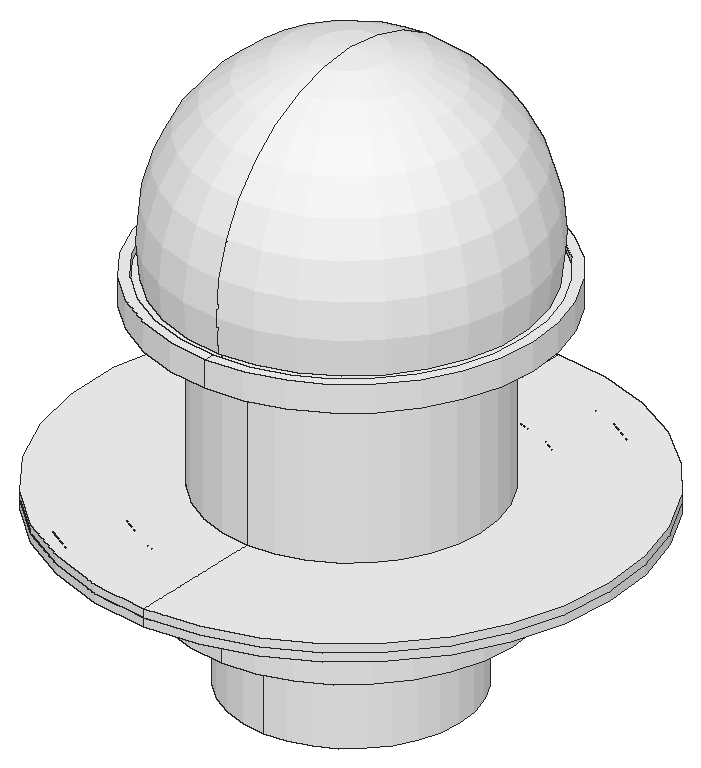
Revit family "F1100-W(D)", category Plumbing Fixtures, host Face, Revit 2018
Family settings
  Host = Face
  Round Connector Dimension = Use Radius
  Part Type = Normal
  Cut with Voids When Loaded = No
  Shared = No
  Room Calculation Point = No
Parameters (values of type "F1100-W(D)-Ø3"")
  WFU = 0
  URL = "WWW.MIFAB.COM"
  Pipe Radius = Pipe Diameter / 2  # 0' - 1 1/2"
  Pipe Diameter = 0' - 3"
  Model = "F1100-W(D)"
  Manufacturer = "MIFAB"
  Floor Drain Material = Paint - Sherwin Williams Paint - #952C2A - Bellwood Red
  Description = "OVERFLOW DRAIN WITH STANDPIPE AND OPTIONAL OVERFLOW DRAIN WITH STANDPIPE AND OPTIONAL"
  Default Elevation = 0' - 0"
  CWFU = 0
  BODY HEIGHT = 0' - 2 5/8"
  Assembly Code = ""
  ADJUSTMENT = 0' - 2 5/8"
Types (6): name | Pipe Radius | Pipe Diameter | Description | BODY HEIGHT
  (no name) | 0' - 1 1/2" | 0' - 3" | "OVERFLOW DRAIN WITH STANDPIPE AND OPTIONAL OVERFLOW DRAIN WITH STANDPIPE AND OPTIONAL" | 0' - 2 5/8"
  F1100-W(D)-Ø2" | 0' - 1" | 0' - 2" | "EXTENDED RIM FLOOR DRAIN FOR NON-MEMBRANE FLOOR AREAS" | 0' - 2 1/4"
  F1100-W(D)-Ø3" | 0' - 1 1/2" | 0' - 3" | "OVERFLOW DRAIN WITH STANDPIPE AND OPTIONAL OVERFLOW DRAIN WITH STANDPIPE AND OPTIONAL" | 0' - 2 5/8"
  F1100-W(D)-Ø4" | 0' - 2" | 0' - 4" | "OVERFLOW DRAIN WITH STANDPIPE AND OPTIONAL OVERFLOW DRAIN WITH STANDPIPE AND OPTIONAL" | 0' - 2 5/8"
  F1100-W(D)-Ø5" | 0' - 2 1/2" | 0' - 5" | "OVERFLOW DRAIN WITH STANDPIPE AND OPTIONAL OVERFLOW DRAIN WITH STANDPIPE AND OPTIONAL" | 0' - 2 5/8"
  F1100-W(D)-Ø6" | 0' - 3" | 0' - 6" | "OVERFLOW DRAIN WITH STANDPIPE AND OPTIONAL OVERFLOW DRAIN WITH STANDPIPE AND OPTIONAL" | 0' - 2 5/8"
Reference planes (in)
  plane 1 "Center (Front/Back)": y = 0
  plane 2: z = 0
  plane 3 "Center (Left/Right)": x = 0
  plane 4: y = -1.5
  plane 5: y = 1.5
  plane 6: y = -4
  plane 7: y = 4
  plane 8: z = -0.125
  plane 9: z = -0.375
  plane 10: z = -2.75
  plane 11: z = 6
  plane 12: z = -1.09655
  plane 13: z = -1.01391
  plane 14: y = -2.68
  plane 15: y = -2.32
  plane 16: z = -1.40742
  plane 17: y = 3.5
  plane 18: z = -0.125
  plane 19: y = -2
  plane 20: y = 2
  plane 21: z = 3.58145
Forms (in)
  Revolve 1, solid, material "Paint - Sherwin Williams Paint - #952C2A - Bellwood Red" <- "Floor Drain Material"
    sketch origin (0, -109.78025, 5.25224) x (0, 1, 0) y (0, 0, 1)
      loop
        line (107.58925, -5.45724) -> (107.50925, -5.37724) -> (107.1433, -5.37724)
        arc (107.1433, -5.37724) -> (107.06061, -5.42691) -> (106.97791, -5.37724) r 0.09366
        line (106.97791, -5.37724) -> (106.21178, -5.37724)
        arc (106.21178, -5.37724) -> (106.12908, -5.42691) -> (106.04639, -5.37724) r 0.09366
        line (106.04639, -5.37724) -> (105.78025, -5.37724) -> (105.78025, -5.50224) -> (107.28025, -5.50224) -> (107.28025, -6.65966) -> (108.10057, -7.06561) -> (108.10057, -8.00224) -> (108.28025, -8.00224) -> (108.28025, -6.99853) -> (107.46025, -6.59274) -> (107.46025, -5.62724) -> (107.50925, -5.62724) -> (107.58925, -5.54724) -> (107.58925, -5.45724)
      axis (109.78025, -8.00224) -> (109.78025, -5.37724)
    angle from 0 to 360
  Revolve 2, solid, material "Paint - Sherwin Williams Paint - #952C2A - Bellwood Red" <- "Floor Drain Material"
    sketch origin (0, 0, 0.07777) x (0, 1, 0) y (0, 0, 1)
      loop
        line (3.6, -0.70791) -> (3.6, -0.58353) -> (3.23, -0.58353) -> (3.13, -0.48353) -> (2.73, -0.48353) -> (2.73, -0.32777) -> (2.32, -0.32777) -> (2.32, -0.70791) -> (3.6, -0.70791)
      axis (2.32, -0.83353) -> (3.6, -0.83353)
    angle from 0 to 360
  Revolve 3, solid, material "Paint - Sherwin Williams Paint - #952C2A - Bellwood Red" <- "Floor Drain Material"
    sketch origin (0, 0, 0) x (0, 1, 0) y (0, 0, 1)
      loop
        line (4, 0) -> (2, 0) -> (2, -0.125) -> (4, -0.125) -> (4, 0)
      axis (0, -0.125) -> (0, 0)
    angle from 0 to 360
  Revolve 4, solid, material "Paint - Sherwin Williams Paint - #952C2A - Bellwood Red" <- "Floor Drain Material"
    sketch origin (0, -38.99861, -7.58056) x (0, 1, 0) y (0, 0, 1)
      loop
        line (36.99861, 6.56665) -> (37.20488, 6.56665) -> (37.20488, 11.16201) -> (36.99861, 11.16201) -> (36.99861, 6.56665)
      axis (38.99861, 6.56665) -> (38.99861, 11.16201)
    angle from 0 to 360
  Revolve 5, solid, material "Paint - Sherwin Williams Paint - #952C2A - Bellwood Red" <- "Floor Drain Material"
    sketch origin (0, -38.99861, -10.32587) x (0, 1, 0) y (0, 0, 1)
      loop
        line (36.44935, 13.21225) -> (36.78336, 13.21225) -> (36.78336, 13.90732) -> (37.24973, 13.90732) -> (37.24973, 15.44789)
        arc (37.24973, 15.44789) -> (38.05047, 15.99021) -> (38.99861, 16.18086) r 2.45291
        line (38.99861, 16.18086) -> (38.99861, 16.32885)
        arc (38.99861, 16.32885) -> (36.98541, 15.37467) -> (36.44935, 13.21225) r 2.6009
      axis (38.99861, 13.21225) -> (38.99861, 16.32885)
    angle from 0 to 360
  Revolve 6, solid, material "Paint - Sherwin Williams Paint - #952C2A - Bellwood Red" <- "Floor Drain Material"
    sketch origin (0, -38.99861, -10.32587) x (0, 1, 0) y (0, 0, 1)
      loop
        line (36.18246, 13.24488) -> (36.18246, 12.85026) -> (36.32596, 12.85026) -> (36.32596, 12.93546) -> (36.95376, 12.93546) -> (36.99861, 12.9803) -> (36.99861, 13.11483) -> (36.95376, 13.15968) -> (36.32596, 13.15968) -> (36.32596, 13.24488) -> (36.18246, 13.24488)
      axis (38.99861, 12.85026) -> (38.99861, 13.24488)
    angle from 0 to 360
Dimensions and locks (in)
  equal spacing: plane 5, plane 1 "Center (Front/Back)", plane 4
  "Pipe Diameter": plane 5 to plane 4
  plane 1 "Center (Front/Back)" to plane 4 = 0' - 1 1/2"
  equal spacing: plane 7, plane 1 "Center (Front/Back)", plane 6
  locked: plane 7 to plane 6 at 8
  locked: plane 8 to plane 9 at 0.25
  "BODY HEIGHT": plane 8 to plane 10
  plane 2 to plane 8 = 0' - 0 1/8"
  locked: plane 13 to plane 12 at 0.08264
  locked: plane 8 to plane 12 at 0.97155
  plane 11 to level = 0' - 6"
  locked: Revolve 1 sketch curve to Revolve 1 sketch curve at 0.93152
  locked: plane 4 to Revolve 1 sketch curve at 0.17969
  locked: plane 9 to plane 16 at 1.03242
  equal spacing: plane 20, plane 1 "Center (Front/Back)", plane 19
  plane 20 to plane 19 = 0' - 4"
  plane 11 to plane 21 to plane 2 = 0' - 2.41855", 0' - 3.58145" locked
  aligned and locked: plane 2 to host face
  aligned and locked: level to host face
  aligned and locked: plane 15 to Revolve 1 sketch curve
  aligned and locked: Revolve 1 sketch curve to plane 4
  aligned and locked: plane 16 to Revolve 1 sketch curve
Automatic sketch dimensions
  host sketch curve to host sketch curve = 8' - 0"  (x2)
  Revolve 1 sketch curve to plane 6 = 0' - 0"
  Revolve 1 sketch curve to plane 8 = 0' - 0"  (x3)
  Revolve 1 sketch curve to plane 9 = 0' - 0"
  Revolve 1 sketch curve to plane 1 "Center (Front/Back)" = 0' - 0"
  Revolve 1 sketch curve to plane 10 = 0' - 0"
  plane 8 to Revolve 1 sketch curve = 0' - 0.04399"  (x2)
  Revolve 1 sketch curve to Revolve 1 sketch curve = 0' - 0.08269"  (x2)
  Revolve 1 sketch curve to plane 14 = 0' - 0.18"
  Revolve 1 sketch curve to plane 16 = 0' - 0.40595"
  Revolve 1 sketch curve to Revolve 1 sketch curve = 0' - 0.06708"
  Revolve 1 sketch curve to plane 12 = 0' - 0.24395"
  plane 9 to Revolve 1 sketch curve = 0' - 0.08"
  Revolve 1 sketch curve to plane 8 = 0' - 0.08"
  Revolve 1 sketch curve to plane 10 = 0' - 3.43864"
  Revolve 1 sketch curve to Revolve 1 sketch curve = 0' - 1.64678"
  Revolve 1 sketch curve to plane 15 = 0' - 0.04899"  (x2)
  Revolve 1 sketch curve to Revolve 1 sketch curve = 0' - 0.08"
  Revolve 4 sketch curve to plane 19 = 0' - 0"
  Revolve 4 sketch curve to plane 1 "Center (Front/Back)" = 0' - 0"
  Revolve 4 sketch curve to Revolve 4 sketch curve = 0' - 0.20628"
  Revolve 4 sketch curve to level = 0' - 1.01391"
  Revolve 4 sketch curve to plane 11 = 0' - 2.41855"
  Revolve 4 sketch curve to Revolve 4 sketch curve = 0' - 8.37423"
  Revolve 4 sketch curve to Revolve 4 sketch curve = 0' - 1 3/4"
  Revolve 5 sketch curve to Revolve 5 sketch curve = 0' - 0"  (x3)
  Revolve 5 sketch curve to plane 11 = 0' - 3.11362"
  plane 7 to Revolve 5 sketch curve = 0' - 6.54926"
  Revolve 5 sketch curve to Revolve 5 sketch curve = 0' - 0.33401"
  Revolve 5 sketch curve to Revolve 5 sketch curve = 0' - 0.46637"
  Revolve 5 sketch curve to Revolve 5 sketch curve = 0' - 1.74888"
  Revolve 5 sketch curve to Revolve 5 sketch curve = 0' - 0.5157"
  Revolve 5 sketch curve to Revolve 5 sketch curve = 0' - 0.69507"
  Revolve 5 sketch curve to Revolve 5 sketch curve = 0' - 1.54057"
  Revolve 5 sketch curve to Revolve 5 sketch curve = 0' - 0.8059"
  Revolve 5 sketch curve to Revolve 5 sketch curve = 0' - 0 1/2"
  Revolve 6 sketch curve to plane 11 = 0' - 3.08099"
  plane 7 to Revolve 6 sketch curve = 0' - 6.81614"
  Revolve 6 sketch curve to Revolve 6 sketch curve = 0' - 0.1435"  (x2)
  Revolve 6 sketch curve to plane 11 = 0' - 3.16619"
  Revolve 6 sketch curve to Revolve 6 sketch curve = 0' - 0.6278"
  Revolve 6 sketch curve to Revolve 6 sketch curve = 0' - 0"
  Revolve 6 sketch curve to Revolve 6 sketch curve = 0' - 0.04484"  (x2)
  Revolve 6 sketch curve to Revolve 6 sketch curve = 0' - 0.13453"
  Revolve 6 sketch curve to Revolve 6 sketch curve = 0' - 0.22422"
  Revolve 6 sketch curve to Revolve 6 sketch curve = 0' - 0.0852"
  Revolve 6 sketch curve to Revolve 6 sketch curve = 0' - 2.04484"
  Revolve 6 sketch curve to Revolve 6 sketch curve = 0' - 3.97507"
  Revolve 6 sketch curve to Revolve 6 sketch curve = 0' - 0 1/2"
  plane 20 to Revolve 2 sketch curve = 0' - 0.32"
  Revolve 2 sketch curve to plane 8 = 0' - 0 1/8"
  Revolve 2 sketch curve to Revolve 2 sketch curve = 0' - 0.41"
  Revolve 2 sketch curve to plane 9 = 0' - 0.03075"
  Revolve 2 sketch curve to plane 17 = 0' - 0.37"
  Revolve 2 sketch curve to Revolve 2 sketch curve = 0' - 0.1"
  plane 17 to Revolve 2 sketch curve = 0' - 0.1"
  Revolve 2 sketch curve to plane 9 = 0' - 0.13075"
  Revolve 2 sketch curve to Revolve 2 sketch curve = 0' - 0.12439"
  Revolve 2 sketch curve to Revolve 2 sketch curve = 0' - 0.13"
  Revolve 2 sketch curve to Revolve 2 sketch curve = 0' - 0.14968"
  plane 13 to Revolve 2 sketch curve = 0' - 0.25816"
  Revolve 3 sketch curve to plane 1 "Center (Front/Back)" = 0' - 0"
  Revolve 3 sketch curve to plane 8 = 0' - 0"
  Revolve 3 sketch curve to plane 20 = 0' - 0"
  Revolve 3 sketch curve to plane 7 = 0' - 0"
  Revolve 3 sketch curve to level = 0' - 0"
  level to Revolve 3 sketch curve = 0' - 0.94912"
  Revolve 3 sketch curve to Revolve 3 sketch curve = 0' - 0.20687"
  Revolve 1 sketch curve to plane 8 = 0' - 0 1/8"
  Revolve 1 sketch curve to Revolve 1 sketch curve = 0' - 0.26614"
Connectors (in)
  piping at (0, 0, -2.75), diameter 3, driven by "Pipe Radius"
    settings: on Revolve 1, index 1, connector inside diameter 24", connector length 0' - 0", flow factor 0, pipe flow 0 GPM, pressure drop 0.00 psi, fitting loss kfactor 0, connector angle 0.00°, fixture units 0, engagement length 0' - 0", angle of deflection 0.00°, flow configuration 0, flow direction 0, fitting loss method 0, system type 7, joint type 0, gender type 0, connector reference index -1, connector utility 0, adjustable connector no, is connector primary yes, connector description ""
  piping at (0, 3.6, -0.75575), diameter 0.25
    settings: on Revolve 2, index 2, connector inside diameter 24", connector length 0' - 0", flow factor 0, pipe flow 0 GPM, pressure drop 0.00 psi, fitting loss kfactor 0, connector angle 0.00°, fixture units 0, engagement length 0' - 0", angle of deflection 0.00°, flow configuration 0, flow direction 0, fitting loss method 0, system type 7, joint type 0, gender type 0, connector reference index -1, connector utility 0, adjustable connector no, is connector primary no, connector description ""
